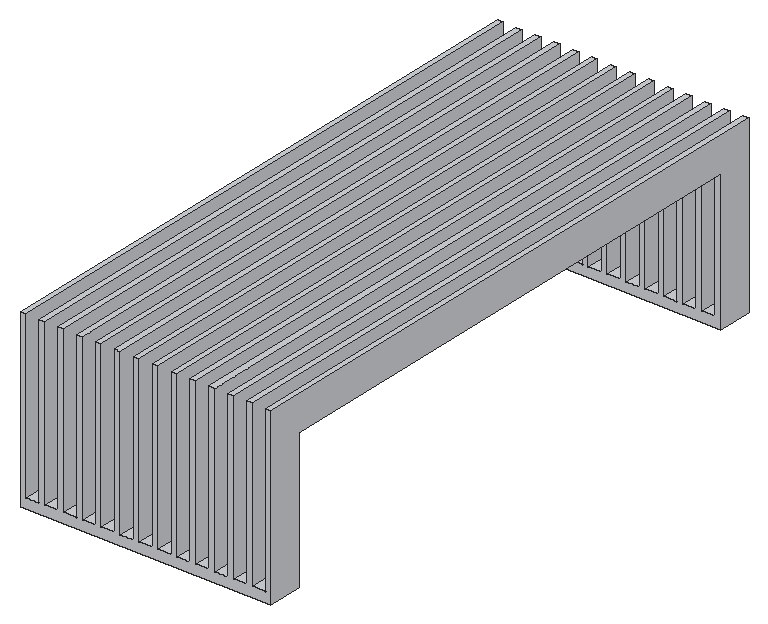
Revit family "LL14_R2016", category Generic Models, Revit 2016
Family settings
  Part Type = Normal
  Can host rebar = No
  Round Connector Dimension = Use Diameter
  OmniClass Number = 23.45.00.00
  OmniClass Title = Sanitary, Laundry, and Cleaning Equipment
  Work Plane-Based = No
  Always vertical = Yes
  Cut with Voids When Loaded = No
  Shared = No
  Room Calculation Point = No
Parameters
  Tube Length [instance] = 990 mm
  Length [instance] = 1200 mm
  Height = 350 mm
Reference planes
  plane 1: z = 0
  plane 2: z = 350
  plane 3: y = -26.341
  plane 4: y = -626.341
  plane 5: y = 573.659
Forms (mm)
  Extrusion 1, solid, not visible
    sketch origin (0, 0, 0) x (1, 0, 0) y (0, 1, 0)
      loop
        line (-495, -20) -> (-495, -31) -> (495, -31) -> (495, -20) -> (-495, -20)
    from 300 to 370
  Extrusion 2, solid, not visible
    sketch origin (0, 0, 0) x (1, 0, 0) y (0, 1, 0)
      loop
        line (-495, -20) -> (-495, -31) -> (495, -31) -> (495, -20) -> (-495, -20)
    from 300 to 370
  Extrusion 3, solid, not visible
    sketch origin (0, -24, 0) x (1, 0, 0) y (0, 1, 0)
      loop
        line (-495, -20) -> (-495, -31) -> (495, -31) -> (495, -20) -> (-495, -20)
    from 300 to 370
  Extrusion 4, solid, not visible
    sketch origin (0, -48, 0) x (1, 0, 0) y (0, 1, 0)
      loop
        line (-495, -20) -> (-495, -31) -> (495, -31) -> (495, -20) -> (-495, -20)
    from 300 to 370
  Extrusion 5, solid, not visible
    sketch origin (0, -72, 0) x (1, 0, 0) y (0, 1, 0)
      loop
        line (-495, -20) -> (-495, -31) -> (495, -31) -> (495, -20) -> (-495, -20)
    from 300 to 370
  Extrusion 6, solid, not visible
    sketch origin (0, -96, 0) x (1, 0, 0) y (0, 1, 0)
      loop
        line (-495, -20) -> (-495, -31) -> (495, -31) -> (495, -20) -> (-495, -20)
    from 300 to 370
  Extrusion 7, solid, not visible
    sketch origin (0, -120, 0) x (1, 0, 0) y (0, 1, 0)
      loop
        line (-495, -20) -> (-495, -31) -> (495, -31) -> (495, -20) -> (-495, -20)
    from 300 to 370
  Extrusion 8, solid, not visible
    sketch origin (0, -144, 0) x (1, 0, 0) y (0, 1, 0)
      loop
        line (-495, -20) -> (-495, -31) -> (495, -31) -> (495, -20) -> (-495, -20)
    from 300 to 370
  Extrusion 9, solid, not visible
    sketch origin (0, -168, 0) x (1, 0, 0) y (0, 1, 0)
      loop
        line (-495, -20) -> (-495, -31) -> (495, -31) -> (495, -20) -> (-495, -20)
    from 300 to 370
  Extrusion 10, solid, not visible
    sketch origin (0, -192, 0) x (1, 0, 0) y (0, 1, 0)
      loop
        line (-495, -20) -> (-495, -31) -> (495, -31) -> (495, -20) -> (-495, -20)
    from 300 to 370
  Extrusion 11, solid, not visible
    sketch origin (0, -216, 0) x (1, 0, 0) y (0, 1, 0)
      loop
        line (-495, -20) -> (-495, -31) -> (495, -31) -> (495, -20) -> (-495, -20)
    from 300 to 370
  Extrusion 12, solid, not visible
    sketch origin (0, -240, 0) x (1, 0, 0) y (0, 1, 0)
      loop
        line (-495, -20) -> (-495, -31) -> (495, -31) -> (495, -20) -> (-495, -20)
    from 300 to 370
  Extrusion 13, solid, not visible
    sketch origin (0, -264, 0) x (1, 0, 0) y (0, 1, 0)
      loop
        line (-495, -20) -> (-495, -31) -> (495, -31) -> (495, -20) -> (-495, -20)
    from 300 to 370
  Extrusion 14, solid, not visible
    sketch origin (0, -288, 0) x (1, 0, 0) y (0, 1, 0)
      loop
        line (-495, -20) -> (-495, -31) -> (495, -31) -> (495, -20) -> (-495, -20)
    from 300 to 370
  Extrusion 15, solid, not visible
    sketch origin (0, -312, 0) x (1, 0, 0) y (0, 1, 0)
      loop
        line (-495, -20) -> (-495, -31) -> (495, -31) -> (495, -20) -> (-495, -20)
    from 300 to 370
  Extrusion 16, solid
    sketch origin (0, 0, 0) x (0, 1, 0) y (0, 0, 1)
      loop
        line (573.659, 0) -> (573.659, 350) -> (-626.341, 350) -> (-626.341, 0) -> (-556.341, 0) -> (-556.341, 280) -> (503.659, 280) -> (503.659, 0) -> (573.659, 0)
    from 0 to 11
  Extrusion 17, solid
    sketch origin (38, 0, 0) x (0, 1, 0) y (0, 0, 1)
      loop
        line (573.659, 0) -> (573.659, 350) -> (-626.341, 350) -> (-626.341, 0) -> (-556.341, 0) -> (-556.341, 280) -> (503.659, 280) -> (503.659, 0) -> (573.659, 0)
    from 0 to 11
  Extrusion 18, solid
    sketch origin (76, 0, 0) x (0, 1, 0) y (0, 0, 1)
      loop
        line (573.659, 0) -> (573.659, 350) -> (-626.341, 350) -> (-626.341, 0) -> (-556.341, 0) -> (-556.341, 280) -> (503.659, 280) -> (503.659, 0) -> (573.659, 0)
    from 0 to 11
  Extrusion 19, solid
    sketch origin (114, 0, 0) x (0, 1, 0) y (0, 0, 1)
      loop
        line (573.659, 0) -> (573.659, 350) -> (-626.341, 350) -> (-626.341, 0) -> (-556.341, 0) -> (-556.341, 280) -> (503.659, 280) -> (503.659, 0) -> (573.659, 0)
    from 0 to 11
  Extrusion 20, solid
    sketch origin (152, 0, 0) x (0, 1, 0) y (0, 0, 1)
      loop
        line (573.659, 0) -> (573.659, 350) -> (-626.341, 350) -> (-626.341, 0) -> (-556.341, 0) -> (-556.341, 280) -> (503.659, 280) -> (503.659, 0) -> (573.659, 0)
    from 0 to 11
  Extrusion 21, solid
    sketch origin (190, 0, 0) x (0, 1, 0) y (0, 0, 1)
      loop
        line (573.659, 0) -> (573.659, 350) -> (-626.341, 350) -> (-626.341, 0) -> (-556.341, 0) -> (-556.341, 280) -> (503.659, 280) -> (503.659, 0) -> (573.659, 0)
    from 0 to 11
  Extrusion 22, solid
    sketch origin (228, 0, 0) x (0, 1, 0) y (0, 0, 1)
      loop
        line (573.659, 0) -> (573.659, 350) -> (-626.341, 350) -> (-626.341, 0) -> (-556.341, 0) -> (-556.341, 280) -> (503.659, 280) -> (503.659, 0) -> (573.659, 0)
    from 0 to 11
  Extrusion 23, solid
    sketch origin (0, 0, 0) x (1, 0, 0) y (0, 1, 0)
      loop
        line (0, -626.341) -> (505, -626.341) -> (505, -556.341) -> (0, -556.341) -> (0, -626.341)
      loop
        line (0, 503.659) -> (505, 503.659) -> (505, 573.659) -> (0, 573.659) -> (0, 503.659)
    from 0 to 20
  Extrusion 24, solid
    sketch origin (266, 0, 0) x (0, 1, 0) y (0, 0, 1)
      loop
        line (573.659, 0) -> (573.659, 350) -> (-626.341, 350) -> (-626.341, 0) -> (-556.341, 0) -> (-556.341, 280) -> (503.659, 280) -> (503.659, 0) -> (573.659, 0)
    from 0 to 11
  Extrusion 25, solid
    sketch origin (304, 0, 0) x (0, 1, 0) y (0, 0, 1)
      loop
        line (573.659, 0) -> (573.659, 350) -> (-626.341, 350) -> (-626.341, 0) -> (-556.341, 0) -> (-556.341, 280) -> (503.659, 280) -> (503.659, 0) -> (573.659, 0)
    from 0 to 11
  Extrusion 26, solid
    sketch origin (342, 0, 0) x (0, 1, 0) y (0, 0, 1)
      loop
        line (573.659, 0) -> (573.659, 350) -> (-626.341, 350) -> (-626.341, 0) -> (-556.341, 0) -> (-556.341, 280) -> (503.659, 280) -> (503.659, 0) -> (573.659, 0)
    from 0 to 11
  Extrusion 27, solid
    sketch origin (380, 0, 0) x (0, 1, 0) y (0, 0, 1)
      loop
        line (573.659, 0) -> (573.659, 350) -> (-626.341, 350) -> (-626.341, 0) -> (-556.341, 0) -> (-556.341, 280) -> (503.659, 280) -> (503.659, 0) -> (573.659, 0)
    from 0 to 11
  Extrusion 28, solid
    sketch origin (418, 0, 0) x (0, 1, 0) y (0, 0, 1)
      loop
        line (573.659, 0) -> (573.659, 350) -> (-626.341, 350) -> (-626.341, 0) -> (-556.341, 0) -> (-556.341, 280) -> (503.659, 280) -> (503.659, 0) -> (573.659, 0)
    from 0 to 11
  Extrusion 29, solid
    sketch origin (456, 0, 0) x (0, 1, 0) y (0, 0, 1)
      loop
        line (573.659, 0) -> (573.659, 350) -> (-626.341, 350) -> (-626.341, 0) -> (-556.341, 0) -> (-556.341, 280) -> (503.659, 280) -> (503.659, 0) -> (573.659, 0)
    from 0 to 11
  Extrusion 30, solid
    sketch origin (494, 0, 0) x (0, 1, 0) y (0, 0, 1)
      loop
        line (573.659, 0) -> (573.659, 350) -> (-626.341, 350) -> (-626.341, 0) -> (-556.341, 0) -> (-556.341, 280) -> (503.659, 280) -> (503.659, 0) -> (573.659, 0)
    from 0 to 11
Cuts and joins
  joined: Extrusion 16, Extrusion 17, Extrusion 18, Extrusion 19, Extrusion 20, Extrusion 21, Extrusion 22, Extrusion 23, Extrusion 24, Extrusion 25, Extrusion 26, Extrusion 27, Extrusion 28, Extrusion 29, Extrusion 30
Lines and regions (mm)
  reference lines
    curve 1: line (0, 665.378, 280) -> (0, -754.622, 280)
    curve 2: line (0, 503.659, 411.424) -> (0, 503.659, -138.576)
    curve 3: line (0, -556.341, 388.061) -> (0, -556.341, -81.939)
Dimensions and locks
  locked: Extrusion 1 sketch curve to Extrusion 1 sketch curve at 11
  locked: Extrusion 2 sketch curve to Extrusion 2 sketch curve at 11
  locked: Extrusion 3 sketch curve to Extrusion 3 sketch curve at 11
  equal spacing: group 2, group 3, group 4, group 5, group 6, group 7, group 8, group 9, group 10, group 11, group 12, group 13, group 14, group 15  (x2)
  equal spacing: group 15, group 14, group 13, group 12, group 11, group 10, group 9, group 8, group 7, group 6, group 5, group 4, group 3, group 2
  locked: Extrusion 4 sketch curve to Extrusion 4 sketch curve at 11
  locked: Extrusion 5 sketch curve to Extrusion 5 sketch curve at 11
  locked: Extrusion 6 sketch curve to Extrusion 6 sketch curve at 11
  locked: Extrusion 7 sketch curve to Extrusion 7 sketch curve at 11
  locked: Extrusion 8 sketch curve to Extrusion 8 sketch curve at 11
  locked: Extrusion 9 sketch curve to Extrusion 9 sketch curve at 11
  locked: Extrusion 10 sketch curve to Extrusion 10 sketch curve at 11
  locked: Extrusion 11 sketch curve to Extrusion 11 sketch curve at 11
  locked: Extrusion 12 sketch curve to Extrusion 12 sketch curve at 11
  locked: Extrusion 13 sketch curve to Extrusion 13 sketch curve at 11
  locked: Extrusion 14 sketch curve to Extrusion 14 sketch curve at 11
  locked: Extrusion 15 sketch curve to Extrusion 15 sketch curve at 11
  "Height": plane 2 to level
  equal spacing: plane 5, plane 3, plane 4
  "Length": plane 5 to plane 4
  locked: plane 2 to curve 1 at 70
  locked: curve 3 to plane 4 at 70
  locked: plane 5 to curve 2 at 70
  cut or joined group of Extrusion 16, Extrusion 17, Extrusion 18, Extrusion 19, Extrusion 20, Extrusion 21, Extrusion 22, Extrusion 23, Extrusion 24, Extrusion 25, Extrusion 26, Extrusion 27, Extrusion 28, Extrusion 29, Extrusion 30 to Extrusion 30 = 505 mm
  aligned and locked: level to plane 1
  aligned and locked: Extrusion 16 sketch curve to plane 2
  aligned and locked: Extrusion 16 sketch curve to plane 4
  aligned and locked: level to Extrusion 16 sketch curve  (x2)
  aligned and locked: Extrusion 16 sketch curve to curve 3
  aligned and locked: Extrusion 16 sketch curve to curve 1
  aligned and locked: curve 2 to Extrusion 16 sketch curve
  aligned and locked: Extrusion 16 sketch curve to plane 5
  aligned and locked: Extrusion 23 sketch curve to Extrusion 16  (x6)
  aligned and locked: Extrusion 23 sketch curve to Extrusion 30
  aligned and locked: Extrusion 30 to Extrusion 23 sketch curve
Automatic sketch dimensions
  Extrusion 1 sketch curve to Extrusion 1 sketch curve = 990 mm
  Extrusion 2 sketch curve to Extrusion 2 sketch curve = 990 mm
  Extrusion 3 sketch curve to Extrusion 3 sketch curve = 990 mm
  Extrusion 4 sketch curve to Extrusion 4 sketch curve = 990 mm
  Extrusion 5 sketch curve to Extrusion 5 sketch curve = 990 mm
  Extrusion 6 sketch curve to Extrusion 6 sketch curve = 990 mm
  Extrusion 7 sketch curve to Extrusion 7 sketch curve = 990 mm
  Extrusion 8 sketch curve to Extrusion 8 sketch curve = 990 mm
  Extrusion 9 sketch curve to Extrusion 9 sketch curve = 990 mm
  Extrusion 10 sketch curve to Extrusion 10 sketch curve = 990 mm
  Extrusion 11 sketch curve to Extrusion 11 sketch curve = 990 mm
  Extrusion 12 sketch curve to Extrusion 12 sketch curve = 990 mm
  Extrusion 13 sketch curve to Extrusion 13 sketch curve = 990 mm
  Extrusion 14 sketch curve to Extrusion 14 sketch curve = 990 mm
  Extrusion 15 sketch curve to Extrusion 15 sketch curve = 990 mm
  plane 4 to curve 1 = 128.281 mm
  curve 1 to plane 5 = 91.719 mm
  curve 3 to level = 81.939 mm
  curve 2 to level = 138.576 mm
  plane 2 to curve 3 = 38.061 mm
  plane 2 to curve 2 = 61.424 mm
  Extrusion 17 sketch curve to level = 0 mm  (x2)
  Extrusion 17 sketch curve to plane 4 = 0 mm
  Extrusion 17 sketch curve to plane 2 = 0 mm
  Extrusion 17 sketch curve to plane 5 = 0 mm
  Extrusion 17 sketch curve to plane 4 = 70 mm
  Extrusion 17 sketch curve to Extrusion 17 sketch curve = 70 mm
  Extrusion 17 sketch curve to plane 2 = 70 mm
  Extrusion 18 sketch curve to level = 0 mm  (x2)
  Extrusion 18 sketch curve to plane 4 = 0 mm
  Extrusion 18 sketch curve to plane 2 = 0 mm
  Extrusion 18 sketch curve to plane 5 = 0 mm
  Extrusion 18 sketch curve to plane 4 = 70 mm
  Extrusion 18 sketch curve to Extrusion 18 sketch curve = 70 mm
  Extrusion 18 sketch curve to plane 2 = 70 mm
  Extrusion 19 sketch curve to level = 0 mm  (x2)
  Extrusion 19 sketch curve to plane 4 = 0 mm
  Extrusion 19 sketch curve to plane 2 = 0 mm
  Extrusion 19 sketch curve to plane 5 = 0 mm
  Extrusion 19 sketch curve to plane 4 = 70 mm
  Extrusion 19 sketch curve to Extrusion 19 sketch curve = 70 mm
  Extrusion 19 sketch curve to plane 2 = 70 mm
  Extrusion 20 sketch curve to level = 0 mm  (x2)
  Extrusion 20 sketch curve to plane 4 = 0 mm
  Extrusion 20 sketch curve to plane 2 = 0 mm
  Extrusion 20 sketch curve to plane 5 = 0 mm
  Extrusion 20 sketch curve to plane 4 = 70 mm
  Extrusion 20 sketch curve to Extrusion 20 sketch curve = 70 mm
  Extrusion 20 sketch curve to plane 2 = 70 mm
  Extrusion 21 sketch curve to level = 0 mm  (x2)
  Extrusion 21 sketch curve to plane 4 = 0 mm
  Extrusion 21 sketch curve to plane 2 = 0 mm
  Extrusion 21 sketch curve to plane 5 = 0 mm
  Extrusion 21 sketch curve to plane 4 = 70 mm
  Extrusion 21 sketch curve to Extrusion 21 sketch curve = 70 mm
  Extrusion 21 sketch curve to plane 2 = 70 mm
  Extrusion 22 sketch curve to level = 0 mm  (x2)
  Extrusion 22 sketch curve to plane 4 = 0 mm
  Extrusion 22 sketch curve to plane 2 = 0 mm
  Extrusion 22 sketch curve to plane 5 = 0 mm
  Extrusion 22 sketch curve to plane 4 = 70 mm
  Extrusion 22 sketch curve to Extrusion 22 sketch curve = 70 mm
  Extrusion 22 sketch curve to plane 2 = 70 mm
  Extrusion 24 sketch curve to level = 0 mm  (x2)
  Extrusion 24 sketch curve to plane 4 = 0 mm
  Extrusion 24 sketch curve to plane 2 = 0 mm
  Extrusion 24 sketch curve to plane 5 = 0 mm
  Extrusion 24 sketch curve to plane 4 = 70 mm
  Extrusion 24 sketch curve to Extrusion 24 sketch curve = 70 mm
  Extrusion 24 sketch curve to plane 2 = 70 mm
  Extrusion 25 sketch curve to level = 0 mm  (x2)
  Extrusion 25 sketch curve to plane 4 = 0 mm
  Extrusion 25 sketch curve to plane 2 = 0 mm
  Extrusion 25 sketch curve to plane 5 = 0 mm
  Extrusion 25 sketch curve to plane 4 = 70 mm
  Extrusion 25 sketch curve to Extrusion 25 sketch curve = 70 mm
  Extrusion 25 sketch curve to plane 2 = 70 mm
  Extrusion 26 sketch curve to level = 0 mm  (x2)
  Extrusion 26 sketch curve to plane 4 = 0 mm
  Extrusion 26 sketch curve to plane 2 = 0 mm
  Extrusion 26 sketch curve to plane 5 = 0 mm
  Extrusion 26 sketch curve to plane 4 = 70 mm
  Extrusion 26 sketch curve to Extrusion 26 sketch curve = 70 mm
  Extrusion 26 sketch curve to plane 2 = 70 mm
  Extrusion 27 sketch curve to level = 0 mm  (x2)
  Extrusion 27 sketch curve to plane 4 = 0 mm
  Extrusion 27 sketch curve to plane 2 = 0 mm
  Extrusion 27 sketch curve to plane 5 = 0 mm
  Extrusion 27 sketch curve to plane 4 = 70 mm
  Extrusion 27 sketch curve to Extrusion 27 sketch curve = 70 mm
  Extrusion 27 sketch curve to plane 2 = 70 mm
  Extrusion 28 sketch curve to level = 0 mm  (x2)
  Extrusion 28 sketch curve to plane 4 = 0 mm
  Extrusion 28 sketch curve to plane 2 = 0 mm
  Extrusion 28 sketch curve to plane 5 = 0 mm
  Extrusion 28 sketch curve to plane 4 = 70 mm
  Extrusion 28 sketch curve to Extrusion 28 sketch curve = 70 mm
  Extrusion 28 sketch curve to plane 2 = 70 mm
  Extrusion 29 sketch curve to level = 0 mm  (x2)
  Extrusion 29 sketch curve to plane 4 = 0 mm
  Extrusion 29 sketch curve to plane 2 = 0 mm
  Extrusion 29 sketch curve to plane 5 = 0 mm
  Extrusion 29 sketch curve to plane 4 = 70 mm
  Extrusion 29 sketch curve to Extrusion 29 sketch curve = 70 mm
  Extrusion 29 sketch curve to plane 2 = 70 mm
  Extrusion 30 sketch curve to level = 0 mm  (x2)
  Extrusion 30 sketch curve to plane 4 = 0 mm
  Extrusion 30 sketch curve to plane 2 = 0 mm
  Extrusion 30 sketch curve to plane 5 = 0 mm
  Extrusion 30 sketch curve to plane 4 = 70 mm
  Extrusion 30 sketch curve to Extrusion 30 sketch curve = 70 mm
  Extrusion 30 sketch curve to plane 2 = 70 mm
